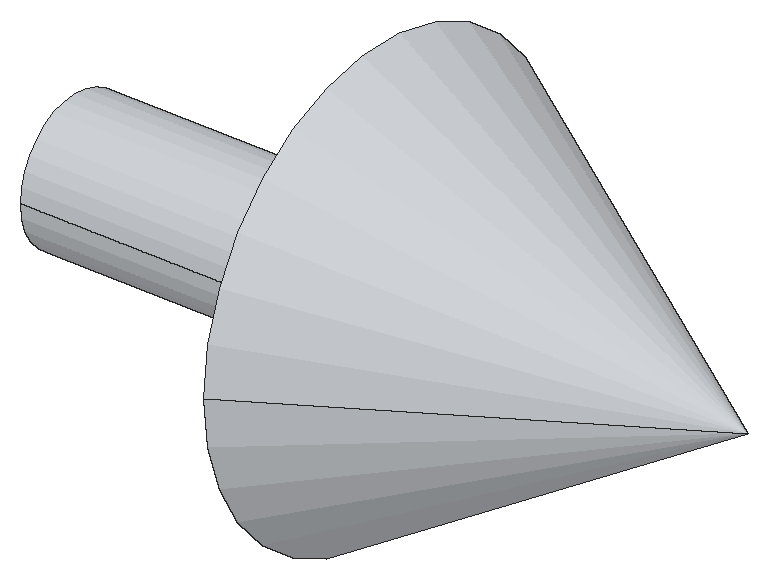
Revit family "Routing Corn Point", category 機械設備, Revit 2021
Family settings
  丸型コネクタ寸法 = 直径を使用
  パーツ タイプ = 標準
  OmniClass 番号 = 23.75.00.00
  OmniClass タイトル = Climate Control (HVAC)
  作業面ベース = いいえ
  常に垂直 = はい
  ロード時にボイドで切り取り = いいえ
  共有 = いいえ
  部屋計算ポイント = いいえ
Parameters
  既定の高さ = 0 mm
  Arent-RoundDuct-MarkupDiameter [instance] = [Arent-RoundDuct-Diameter] + 20 mm  # 30.16 mm
  Arent-RoundDuct-Diameter [instance] = 10.16 mm
Reference planes
  plane 1 "Center (Front/Back)": y = 0
  plane 2: z = 0
  plane 3 "Center (Left/Right)": x = 0
  plane 4: x = -25
  plane 5: x = 25
  plane 6: x = 12.5
  plane 7: y = 60
  plane 8: y = -15.08
  plane 9: y = 15.08
  plane 10: y = 54.92
  plane 11: y = 65.08
Forms (mm)
  Revolve 1, solid
    sketch origin (24.156, 41.442, 60) x (1, 0, 0) y (0, 1, 0)
      loop
        line (25, 60) -> (-25, 60) -> (-25, 54.92) -> (-2.259, 54.92) -> (-2.259, 43.557) -> (25, 60)
      axis (-25, 60) -> (25, 60)
    angle from 0 to 360
Dimensions and locks
  equal spacing: plane 4, plane 3 "Center (Left/Right)", plane 5
  plane 4 to plane 5 = 50 mm
  equal spacing: plane 3 "Center (Left/Right)", plane 6, plane 5
  equal spacing: plane 8, plane 1 "Center (Front/Back)", plane 9
  "Arent-RoundDuct-MarkupDiameter": plane 8 to plane 9
  equal spacing: plane 11, plane 7, plane 10
  plane 11 to plane 9 = 50 mm
  locked: plane 11 to plane 10 at 10.16
  aligned and locked: level to plane 2
Automatic sketch dimensions
  plane 4 to Revolve 1 sketch curve = 24.156 mm
  plane 3 "Center (Left/Right)" to Revolve 1 sketch curve = 21.897 mm
  plane 5 to Revolve 1 sketch curve = 24.156 mm
  Revolve 1 sketch curve to Revolve 1 sketch curve = 11.363 mm
  plane 4 to Revolve 1 sketch curve = 9.224 mm
  Revolve 1 sketch curve to Revolve 1 sketch curve = 30.757 mm
  Revolve 1 sketch curve to plane 10 = 30.079 mm
  Revolve 1 sketch curve to plane 11 = 36.361 mm  (x2)
